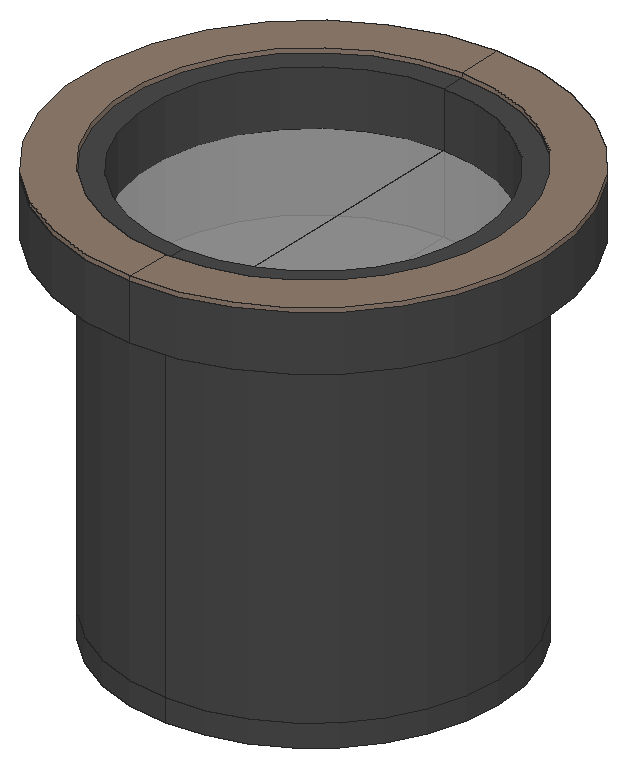
Revit family "LTV8FF", category Lighting Fixtures, host Face, Revit 2021
Family settings
  Host = Face
  Round Connector Dimension = Use Diameter
  Part Type = Normal
  OmniClass Number = 23.80.70.14.14
  OmniClass Title = Exterior Floodlights
  Cut with Voids When Loaded = No
  Light Source = Yes
  Shared = No
  Room Calculation Point = No
Parameters (values of type "LTV82FF")
  Wattage Comments = ""
  Wattage = 9.2903 W
  built-in parameter 1150110 = 1 (stored number, unit not read)
  Voltage = 120 V
  URL = "https://www.currentlighting.com/kimlighting"
  built-in parameter 1114217 = 1 (stored number, unit not read)
  Tilt Angle = -90.00°
  built-in parameter 1150109 = 1 (stored number, unit not read)
  built-in parameter 1150134 = 3
  built-in parameter 1150113 = 1 (stored number, unit not read)
  Radius = Diameter / 2  # 5.1875"
  Product Page URL = ""
  Product Documentation Link = ""
  Photometric Web File = "LTV81FF-NF-24RGBWUV.ies"
  Nominal Watts = 31 W
  Model = "Lightvault® 8 Flat Frame"  # constant formula
  Material = Plastic - Black
  Manufacturer = "Kim Lighting"  # constant formula
  built-in parameter 1150105 = 109.82 (stored number, unit not read)
  Lumens = 1380 lm
  built-in parameter 1150115 = 1 (stored number, unit not read)
  built-in parameter 1150137 = (empty or 0)
  built-in parameter 1150139 = (empty or 0)
  Lens = White Glass
  built-in parameter 1150112 = 1 (stored number, unit not read)
  built-in parameter 1150114 = 1 (stored number, unit not read)
  Lamp = "LED"
  built-in parameter 1150132 = (empty or 0)
  built-in parameter 1150102 = (empty or 0)
  built-in parameter 1150107 = 3200 (stored number, unit not read)
  built-in parameter 1150138 = (empty or 0)
  built-in parameter 1150106 = 1.0982 (stored number, unit not read)
  IP Rating = "IP68"  # constant formula
  Fixture = LTV8 : LTV82FF
  Finish = Bronze
  Emit from Circle Diameter = 10.000"  # constant formula
  Emit Shape Visible in Rendering = no
  built-in parameter 1150104 = 13.8 (stored number, unit not read)
  Dimming Lamp Color Temperature Shift = <None>
  Diameter = 10.375"
  Description = "In cast bronze or stainless steel trim ring, the luminaire is low profile and ADA approved with a drive over weight of 4,500 lbs."  # constant formula
  Depth = 9.875"
  Default Elevation = 48.000"
  Color Filter = 16777215
  built-in parameter 1114218 = 1 (stored number, unit not read)
  built-in parameter 1150133 = 10 (stored number, unit not read)
  Apparent Load = 0 VA
Types (2): name | Wattage Comments | Radius | Photometric Web File | Fixture | Diameter | Depth | Apparent Load
  LTV81FF | "31W" | 6.500" | "LTV81FF-SP-24RGBWUV.ies" | LTV8 : LTV81FF | 13.000" | 10.000" | 31 VA
  LTV82FF | "" | 5.1875" | "LTV81FF-NF-24RGBWUV.ies" | LTV8 : LTV82FF | 10.375" | 9.875" | 0 VA
Reference planes (in)
  plane 1 "Center (Front/Back)": y = 0
  plane 2: z = 0
  plane 3 "Center (Left/Right)": x = 0
  plane 4: y = 5.1875
  plane 5: y = -5.1875
  plane 6: z = -9.875
  plane 7: z = -8.875
  plane 8: y = 3.6875
  plane 9: z = -1.25
  plane 10: z = -3
  plane 11: y = -3.6875
  plane 12: y = 3.1875
  plane 13: z = -9.375
  plane 14: z = -9.125
  plane 15: y = 4.1875
Forms (in)
  Revolve 1, solid, material "Plastic - Black" <- "Material"
    sketch origin (0, 0, 0) x (0, 1, 0) y (0, 0, 1)
      loop
        line (5.1875, 0) -> (3.6875, 0) -> (3.6875, -3) -> (0, -3) -> (0, -9.875) -> (3.1875, -9.875) -> (3.1875, -9.375) -> (4.1875, -9.375) -> (4.1875, -8.875) -> (4.1875, -1.25) -> (5.1875, -1.25) -> (5.1875, 0)
      axis (0, -9.875) -> (0, 0)
    angle from 0 to 360
  Revolve 2, solid, material "White Glass" <- "Lens"
    sketch origin (0, 0, 0) x (0, 1, 0) y (0, 0, 1)
      loop
        line (0, -1.25) -> (0, -3) -> (3.6875, -3) -> (3.6875, -1.25) -> (0, -1.25)
      axis (0, -3) -> (0, -1.25)
    angle from 0 to 360
  Extrusion 3, void
    sketch origin (0, 0, 0) x (1, 0, 0) y (0, 1, 0)
      loop
        circle (0, 0) r 5.1875
    from -9.875 to 0
Dimensions and locks (in)
  locked: level to plane 9 at 1.25
  locked: plane 9 to plane 10 at 1.75
  "Depth": level to plane 6
  locked: plane 7 to plane 6 at 1
  equal spacing: plane 5, plane 1 "Center (Front/Back)", plane 4
  "Diameter": plane 5 to plane 4
  locked: plane 5 to plane 11 at 1.5
  locked: plane 8 to plane 4 at 1.5
  locked: plane 12 to plane 8 at 0.5
  locked: plane 13 to plane 6 at 0.5
  locked: plane 14 to plane 13 at 0.25
  locked: plane 8 to plane 15 at 0.5
  "Radius": radius of Extrusion 3 sketch curve
  aligned and locked: plane 2 to host face
  aligned and locked: level to host face
  aligned and locked: Revolve 1 sketch curve to plane 6
  aligned and locked: plane 1 "Center (Front/Back)" to Revolve 1 sketch curve
  aligned and locked: plane 9 to Revolve 1 sketch curve
  aligned and locked: Revolve 1 sketch curve to plane 1 "Center (Front/Back)"
  aligned and locked: plane 12 to Revolve 1 sketch curve
  aligned and locked: plane 13 to Revolve 1 sketch curve
  aligned and locked: plane 15 to Revolve 1 sketch curve
  aligned and locked: Revolve 2 sketch curve to plane 1 "Center (Front/Back)"  (x2)
  aligned and locked: plane 10 to Revolve 2 sketch curve
  aligned and locked: plane 8 to Revolve 2 sketch curve
  aligned and locked: Revolve 1 sketch curve to plane 10
  aligned and locked: level to Extrusion 3
  aligned and locked: Extrusion 3 to plane 6
  aligned and locked: plane 3 "Center (Left/Right)" to Extrusion 3 sketch curve
  aligned and locked: plane 1 "Center (Front/Back)" to nested 1
  aligned and locked: plane 3 "Center (Left/Right)" to nested 1
Automatic sketch dimensions
  host sketch curve to host sketch curve = 96.000"  (x2)
  Revolve 1 sketch curve to plane 8 = 0.000"
  Revolve 1 sketch curve to level = 0.000"
  Revolve 1 sketch curve to plane 4 = 0.000"
  Revolve 1 sketch curve to plane 7 = 0.000"
  Revolve 1 sketch curve to plane 6 = 10.97429"
  level to Revolve 1 sketch curve = 92.27586"
  Revolve 2 sketch curve to plane 9 = 0.000"
  Revolve 2 sketch curve to plane 6 = 14.125"
  level to Revolve 2 sketch curve = 92.27586"
  plane 1 "Center (Front/Back)" to Extrusion 3 sketch curve = 0.000"
Nested families (in)
  nested 1: "LTV8" at (0, 0, 0), type "LTV82FF"
    with Material Plastic - Black, Lens White Glass, Finish Bronze, Diameter 10.375", Depth 9.875"
Connectors (in)
  electrical at (0, 0, 0), driven by "Description"
    settings: index 1, voltage 0 V, apparent load 0 VA, apparent load phase1 0 VA, apparent load phase2 0 VA, apparent load phase3 0 VA, power factor 1, load classification "Other", number of poles 1, system type 30, power factor state 1, is connector primary yes, connector utility no, sub classification motor no, connector description "In cast bronze or stainless steel trim ring, the luminaire is low profile and ADA approved with a drive over weight of 4,500 lbs."
Definition of nested family "LTV8"
  Parameters
    URL = "http://www.kimlighting.com/"
    Product Page URL = ""
    Product Documentation Link = ""
    Material [instance] = none
    Manufacturer Phone = "626/968-5666"  # constant formula
    Manufacturer Fax = "626/968-5716"  # constant formula
    Manufacturer = "Kim Lighting"  # constant formula
    Lens [instance] = none
    Finish [instance] = none
    Diameter = 7.938"
    Depth = 8.250"
    Default Elevation = 48.000"
  Reference planes (in)
    plane 1 "Center (Front/Back)": y = 0
    plane 2: z = 0
    plane 3 "Center (Left/Right)": x = 0
    plane 4: y = 3.969
    plane 5: y = -3.969
    plane 6: x = 0.5
    plane 7: x = -0.5
    plane 8: z = 0.1
    plane 9: y = 2.969
  Forms (in)
    Revolve 1, solid, material <- "Finish"
      sketch origin (0, 0, 0) x (0, 1, 0) y (0, 0, 1)
        loop
          line (2.969, 0.1) -> (2.969, 0) -> (3.969, 0) -> (3.969, 0.1) -> (2.969, 0.1)
        axis (0, 0) -> (0, 0.1)
      angle from 0 to 360
  Dimensions and locks (in)
    equal spacing: plane 4, plane 1 "Center (Front/Back)", plane 5  (x2)
    "Diameter": plane 4 to plane 5
    equal spacing: plane 7, plane 3 "Center (Left/Right)", plane 6
    locked: plane 8 to level at 0.1
    locked: plane 9 to plane 4 at 1
    aligned and locked: plane 2 to level
    aligned and locked: Revolve 1 sketch curve to plane 8
    aligned and locked: level to Revolve 1 sketch curve
    aligned and locked: Revolve 1 sketch curve to plane 1 "Center (Front/Back)"
    aligned and locked: plane 4 to Revolve 1 sketch curve
    aligned and locked: Revolve 1 sketch curve to plane 9
  Automatic sketch dimensions
    Revolve 1 sketch curve to level = 24.000"
    plane 8 to Revolve 1 sketch curve = 92.17586"
